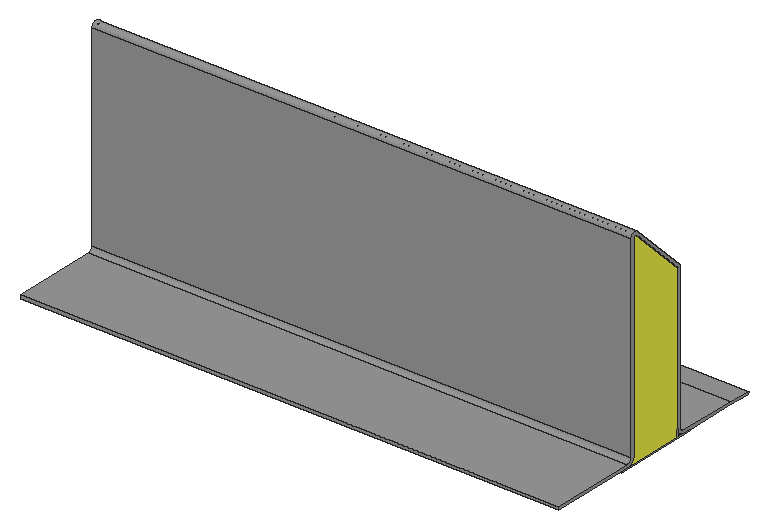
Revit family "sk 70", category Generic Models, Revit 2014
Parameters (values of type "Max lintel length 4800mm")
  URL = "http://www.keystonelintels.co.uk"
  Structural Opening [instance] = 300 mm
  Structural Performance = "The Keystone lintel range has safe working loads as detailed in each applicable loading table in the Keystone Lintel Guide brochure. The structural performance figures within each table have been ascertained by testing in accordance with the requirements of standards BS EN 5977-2: 1983 and BS EN 845-2: 2003."
  RIBA Productor Selector = "available for Keystone Lintels Ltd from Keystone Lintels Ltd from ribaproductselector.com"
  Model = "SK/70"
  Min Length = 600 mm
  Min Clear Span = 300 mm
  Max Length = 4800 mm
  Max Clear Span = 4800 mm
  Material - Stainless Steel = "Grade 304 2b 1.4307 to BS EN 10088-2. Other grades available on request: contact manufacturer."
  Material - Galvanised Steel = "To BS EN 10346: 2009. DX51D plus Z600 or grade Z275 to BS 5977-2: 1983 (BS EN 845-2: 2003)."
  Manufacturer = "Keystone"
  Manufactured Length [instance] = (roundup(Effective Length / 150 mm) * 150 mm)  # 600 mm
  Lintel height [instance] = 2100 mm
  Keynote = "F30/755"
  Fire Performance = "Keystone lintels have been subjected to a fire test (WARRES No. 101263) in accordance with BS 476-20: 1987, at Exova Warrington Fire and achieved a one hour fire performance."
  End Bearing = 150 mm
  Effective Length [instance] = Clear Opening with MIN MAX set + End Bearing * 2  # 600 mm
  Corrosion = "Keystone’s standard range of lintels are manufactured from high quality grade pre-galvanized carbon steel with a zinc coating of 600"
  Contact Tel = "+44 (0)28 8676 2184"
  Contact Email = "info@keystonelintels.co.uk"
  Clear Opening with MIN MAX set [instance] = if(Structural Opening < Min Clear Span, Min Clear Span, (if(Structural Opening > Max Clear Span, Max Clear Span, Structural Opening)))  # 300 mm
  CPD Information = "Available for Keystone Lintels Ltd from ribacpd.com"
Reference planes
  plane 1 "Center (Front/Back)": y = 0
  plane 2: z = 0
  plane 3 "Center (Left/Right)": x = 0
  plane 4: x = -300
  plane 5: x = 300
  plane 6: z = 2100
  plane 7: x = -150
  plane 8: x = 150
Forms (mm)
  Extrusion 1, solid, not visible
    sketch origin (0, 476.5, 764.25) x (0, 1, 0) y (0, 0, 1)
      loop
        line (-600.486, 1001.428) -> (-665.486, 1001.428)
        arc (-665.486, 1001.428) -> (-669.022, 1002.892) -> (-670.486, 1006.428) r 5
        line (-670.486, 1006.428) -> (-670.486, 1163.725)
        arc (-670.486, 1163.725) -> (-671.074, 1166.127) -> (-672.704, 1167.985) r 5.2
        line (-672.704, 1167.985) -> (-750.304, 1222.314)
        arc (-750.304, 1222.314) -> (-755.687, 1222.667) -> (-758.486, 1218.054) r 5.2
        line (-758.486, 1218.054) -> (-758.486, 1006.428)
        arc (-758.486, 1006.428) -> (-759.951, 1002.892) -> (-763.486, 1001.428) r 5
        line (-763.486, 1001.428) -> (-858.486, 1001.428) -> (-858.486, 998.228) -> (-763.486, 998.228)
        arc (-763.486, 998.228) -> (-757.688, 1000.63) -> (-755.286, 1006.428) r 8.2
        line (-755.286, 1006.428) -> (-755.286, 1218.054)
        arc (-755.286, 1218.054) -> (-754.21, 1219.828) -> (-752.139, 1219.693) r 2
        line (-752.139, 1219.693) -> (-674.539, 1165.364)
        arc (-674.539, 1165.364) -> (-673.912, 1164.649) -> (-673.686, 1163.725) r 2
        line (-673.686, 1163.725) -> (-673.686, 1006.428)
        arc (-673.686, 1006.428) -> (-671.284, 1000.63) -> (-665.486, 998.228) r 8.2
        line (-665.486, 998.228) -> (-600.542, 998.228) -> (-575.599, 997.36) -> (-575.486, 1000.558) -> (-600.486, 1001.428)
    from 0 to 250
  Extrusion 2, solid, not visible
    sketch origin (0, 214.797, 53.538) x (0, 1, 0) y (0, 0, 1)
      loop
        arc (-665.486, 998.228) -> (-671.284, 1000.63) -> (-673.686, 1006.428) r 8.2
        line (-673.686, 1006.428) -> (-673.686, 1163.725)
        arc (-673.686, 1163.725) -> (-673.912, 1164.649) -> (-674.539, 1165.364) r 2
        line (-674.539, 1165.364) -> (-752.139, 1219.693)
        arc (-752.139, 1219.693) -> (-754.21, 1219.828) -> (-755.286, 1218.054) r 2
        line (-755.286, 1218.054) -> (-755.286, 1006.428)
        arc (-755.286, 1006.428) -> (-757.688, 1000.63) -> (-763.486, 998.228) r 8.2
        line (-763.486, 998.228) -> (-674.986, 998.228) -> (-674.986, 1006.228) -> (-673.986, 1006.228) -> (-673.986, 998.228) -> (-665.486, 998.228)
    from 0 to 250
  Extrusion 3, solid, not visible
    sketch origin (0, 908.275, 896.271) x (0, 1, 0) y (0, 0, 1)
      loop
        line (-673.986, 998.228) -> (-673.986, 1006.228) -> (-674.986, 1006.228) -> (-674.986, 998.228) -> (-771.986, 998.228) -> (-771.986, 997.228) -> (-656.986, 997.228) -> (-656.986, 998.228) -> (-673.986, 998.228)
    from 0 to 250
  Extrusion 4, solid, material "Steel"
    sketch origin (0, 713.075, 1104.702) x (0, 1, 0) y (0, 0, 1)
      loop
        line (-610.491, 998.498) -> (-675.491, 998.498)
        arc (-675.491, 998.498) -> (-679.026, 999.962) -> (-680.491, 1003.498) r 5
        line (-680.491, 1003.498) -> (-680.491, 1163.294)
        arc (-680.491, 1163.294) -> (-680.886, 1165.282) -> (-682.011, 1166.968) r 5.2
        line (-682.011, 1166.968) -> (-739.611, 1224.659)
        arc (-739.611, 1224.659) -> (-745.279, 1225.79) -> (-748.491, 1220.985) r 5.2
        line (-748.491, 1220.985) -> (-748.491, 1003.498)
        arc (-748.491, 1003.498) -> (-749.955, 999.962) -> (-753.491, 998.498) r 5
        line (-753.491, 998.498) -> (-848.491, 998.498) -> (-848.491, 995.298) -> (-753.491, 995.298)
        arc (-753.491, 995.298) -> (-747.693, 997.699) -> (-745.291, 1003.498) r 8.2
        line (-745.291, 1003.498) -> (-745.291, 1220.985)
        arc (-745.291, 1220.985) -> (-744.055, 1222.833) -> (-741.875, 1222.398) r 2
        line (-741.875, 1222.398) -> (-684.275, 1164.707)
        arc (-684.275, 1164.707) -> (-683.843, 1164.058) -> (-683.691, 1163.294) r 2
        line (-683.691, 1163.294) -> (-683.691, 1003.498)
        arc (-683.691, 1003.498) -> (-681.289, 997.699) -> (-675.491, 995.298) r 8.2
        line (-675.491, 995.298) -> (-610.546, 995.298) -> (-585.591, 994.444) -> (-585.482, 997.643) -> (-610.491, 998.498)
    from -300 to 300
  Extrusion 5, solid, material "Insulation"
    sketch origin (0, 713.075, 1104.702) x (0, 1, 0) y (0, 0, 1)
      loop
        arc (-675.491, 995.298) -> (-681.289, 997.699) -> (-683.691, 1003.498) r 8.2
        line (-683.691, 1003.498) -> (-683.691, 1163.294)
        arc (-683.691, 1163.294) -> (-683.843, 1164.058) -> (-684.275, 1164.707) r 2
        line (-684.275, 1164.707) -> (-741.875, 1222.398)
        arc (-741.875, 1222.398) -> (-744.055, 1222.833) -> (-745.291, 1220.985) r 2
        line (-745.291, 1220.985) -> (-745.291, 1003.498)
        arc (-745.291, 1003.498) -> (-747.693, 997.699) -> (-753.491, 995.298) r 8.2
        line (-753.491, 995.298) -> (-684.991, 995.298) -> (-684.991, 1003.298) -> (-683.991, 1003.298) -> (-683.991, 995.298) -> (-675.491, 995.298)
    from -300 to 300
  Extrusion 6, solid, material "Steel"
    sketch origin (0, 713.075, 1104.702) x (0, 1, 0) y (0, 0, 1)
      loop
        line (-683.991, 995.298) -> (-683.991, 1003.298) -> (-684.991, 1003.298) -> (-684.991, 995.298) -> (-761.991, 995.298) -> (-761.991, 994.298) -> (-666.991, 994.298) -> (-666.991, 995.298) -> (-683.991, 995.298)
    from -300 to 300
  Extrusion 7, solid, not visible
    sketch origin (0, 949.95, 654.162) x (0, 1, 0) y (0, 0, 1)
      loop
        line (-610.491, 998.498) -> (-675.491, 998.498)
        arc (-675.491, 998.498) -> (-679.026, 999.962) -> (-680.491, 1003.498) r 5
        line (-680.491, 1003.498) -> (-680.491, 1163.294)
        arc (-680.491, 1163.294) -> (-680.886, 1165.282) -> (-682.011, 1166.968) r 5.2
        line (-682.011, 1166.968) -> (-739.611, 1224.659)
        arc (-739.611, 1224.659) -> (-745.279, 1225.79) -> (-748.491, 1220.985) r 5.2
        line (-748.491, 1220.985) -> (-748.491, 1003.498)
        arc (-748.491, 1003.498) -> (-749.955, 999.962) -> (-753.491, 998.498) r 5
        line (-753.491, 998.498) -> (-848.491, 998.498) -> (-848.491, 995.298) -> (-753.491, 995.298)
        arc (-753.491, 995.298) -> (-747.693, 997.699) -> (-745.291, 1003.498) r 8.2
        line (-745.291, 1003.498) -> (-745.291, 1220.985)
        arc (-745.291, 1220.985) -> (-744.055, 1222.833) -> (-741.875, 1222.398) r 2
        line (-741.875, 1222.398) -> (-684.275, 1164.707)
        arc (-684.275, 1164.707) -> (-683.843, 1164.058) -> (-683.691, 1163.294) r 2
        line (-683.691, 1163.294) -> (-683.691, 1003.498)
        arc (-683.691, 1003.498) -> (-681.289, 997.699) -> (-675.491, 995.298) r 8.2
        line (-675.491, 995.298) -> (-610.546, 995.298) -> (-585.591, 994.444) -> (-585.482, 997.643) -> (-610.491, 998.498)
    from 0 to 250
  Extrusion 8, solid, not visible
    sketch origin (0, 600.021, 633.606) x (0, 1, 0) y (0, 0, 1)
      loop
        arc (-675.491, 995.298) -> (-681.289, 997.699) -> (-683.691, 1003.498) r 8.2
        line (-683.691, 1003.498) -> (-683.691, 1163.294)
        arc (-683.691, 1163.294) -> (-683.843, 1164.058) -> (-684.275, 1164.707) r 2
        line (-684.275, 1164.707) -> (-741.875, 1222.398)
        arc (-741.875, 1222.398) -> (-744.055, 1222.833) -> (-745.291, 1220.985) r 2
        line (-745.291, 1220.985) -> (-745.291, 1003.498)
        arc (-745.291, 1003.498) -> (-747.693, 997.699) -> (-753.491, 995.298) r 8.2
        line (-753.491, 995.298) -> (-684.991, 995.298) -> (-684.991, 1003.298) -> (-683.991, 1003.298) -> (-683.991, 995.298) -> (-675.491, 995.298)
    from 0 to 250
  Extrusion 9, solid, not visible
    sketch origin (0, 640.113, 580.357) x (0, 1, 0) y (0, 0, 1)
      loop
        line (-683.991, 995.298) -> (-683.991, 1003.298) -> (-684.991, 1003.298) -> (-684.991, 995.298) -> (-761.991, 995.298) -> (-761.991, 994.298) -> (-666.991, 994.298) -> (-666.991, 995.298) -> (-683.991, 995.298)
    from 0 to 250
Dimensions and locks
  equal spacing: plane 4, plane 3 "Center (Left/Right)", plane 5
  "Manufactured Length": plane 4 to plane 5
  "Lintel height": plane 6 to level
  "Structural Opening": plane 7 to plane 8
  equal spacing: plane 7, plane 3 "Center (Left/Right)", plane 8
  aligned and locked: level to plane 2
  aligned and locked: Extrusion 4 to plane 6
  aligned and locked: Extrusion 5 to plane 6
  aligned and locked: plane 6 to Extrusion 6
  aligned and locked: Extrusion 4 to plane 4
  aligned and locked: plane 5 to Extrusion 4
  aligned and locked: plane 5 to Extrusion 5
  aligned and locked: Extrusion 5 to plane 4
  aligned and locked: Extrusion 6 to plane 4
  aligned and locked: plane 5 to Extrusion 6
Automatic sketch dimensions
  Extrusion 1 sketch curve to Extrusion 1 sketch curve = 65 mm
  Extrusion 1 sketch curve to Extrusion 1 sketch curve = 25 mm
  Extrusion 1 sketch curve to Extrusion 1 sketch curve = 0.87 mm
  Extrusion 1 sketch curve to Extrusion 1 sketch curve = 5 mm  (x2)
  Extrusion 1 sketch curve to Extrusion 1 sketch curve = 157.297 mm
  Extrusion 1 sketch curve to Extrusion 1 sketch curve = 5.2 mm
  Extrusion 1 sketch curve to Extrusion 1 sketch curve = 2.218 mm
  Extrusion 1 sketch curve to Extrusion 1 sketch curve = 77.6 mm
  Extrusion 1 sketch curve to Extrusion 1 sketch curve = 54.329 mm
  Extrusion 1 sketch curve to Extrusion 1 sketch curve = 2.982 mm
  Extrusion 1 sketch curve to Extrusion 1 sketch curve = 4.26 mm
  Extrusion 1 sketch curve to Extrusion 1 sketch curve = 0 mm  (x17)
  Extrusion 1 sketch curve to Extrusion 1 sketch curve = 95 mm
  Extrusion 1 sketch curve to Extrusion 1 sketch curve = 3.2 mm
  Extrusion 1 sketch curve to Extrusion 1 sketch curve = 1.147 mm  (x2)
  Extrusion 1 sketch curve to Extrusion 1 sketch curve = 1.638 mm
  Extrusion 1 sketch curve to Extrusion 1 sketch curve = 0.056 mm
  Extrusion 1 sketch curve to Extrusion 1 sketch curve = 0.112 mm
  Extrusion 1 sketch curve to Extrusion 1 sketch curve = 3.198 mm
  Extrusion 2 sketch curve to Extrusion 2 sketch curve = 2 mm
  Extrusion 2 sketch curve to Extrusion 2 sketch curve = 1.147 mm  (x2)
  Extrusion 2 sketch curve to Extrusion 2 sketch curve = 77.6 mm
  Extrusion 2 sketch curve to Extrusion 2 sketch curve = 80.3 mm
  Extrusion 2 sketch curve to Extrusion 2 sketch curve = 1 mm
  Extrusion 2 sketch curve to Extrusion 2 sketch curve = 0.3 mm
  Extrusion 2 sketch curve to Extrusion 2 sketch curve = 8.2 mm  (x2)
  Extrusion 2 sketch curve to Extrusion 2 sketch curve = 0 mm
  Extrusion 2 sketch curve to Extrusion 2 sketch curve = 0.2 mm
  Extrusion 2 sketch curve to Extrusion 2 sketch curve = 157.297 mm
  Extrusion 2 sketch curve to Extrusion 2 sketch curve = 54.329 mm
  Extrusion 3 sketch curve to Extrusion 3 sketch curve = 17 mm
  Extrusion 3 sketch curve to Extrusion 3 sketch curve = 8 mm
  Extrusion 3 sketch curve to Extrusion 3 sketch curve = 1 mm  (x2)
  Extrusion 3 sketch curve to Extrusion 3 sketch curve = 0 mm
  Extrusion 3 sketch curve to Extrusion 3 sketch curve = 97 mm
  Extrusion 4 sketch curve to Extrusion 4 sketch curve = 65 mm
  Extrusion 4 sketch curve to Extrusion 4 sketch curve = 25.009 mm
  Extrusion 4 sketch curve to Extrusion 4 sketch curve = 0.855 mm
  Extrusion 4 sketch curve to Extrusion 4 sketch curve = 0.109 mm
  Extrusion 4 sketch curve to Extrusion 4 sketch curve = 0.055 mm
  Extrusion 4 sketch curve to Extrusion 4 sketch curve = 0 mm  (x17)
  Extrusion 4 sketch curve to Extrusion 4 sketch curve = 5 mm  (x2)
  Extrusion 4 sketch curve to Extrusion 4 sketch curve = 159.796 mm
  Extrusion 4 sketch curve to Extrusion 4 sketch curve = 2 mm
  Extrusion 4 sketch curve to Extrusion 4 sketch curve = 0.585 mm
  Extrusion 4 sketch curve to Extrusion 4 sketch curve = 2.265 mm  (x2)
  Extrusion 4 sketch curve to Extrusion 4 sketch curve = 57.6 mm
  Extrusion 4 sketch curve to Extrusion 4 sketch curve = 57.691 mm
  Extrusion 4 sketch curve to Extrusion 4 sketch curve = 2.261 mm
  Extrusion 4 sketch curve to Extrusion 4 sketch curve = 1.415 mm
  Extrusion 4 sketch curve to Extrusion 4 sketch curve = 1.413 mm
  Extrusion 4 sketch curve to Extrusion 4 sketch curve = 95 mm
  Extrusion 5 sketch curve to Extrusion 5 sketch curve = 2 mm
  Extrusion 5 sketch curve to Extrusion 5 sketch curve = 1.415 mm  (x2)
  Extrusion 5 sketch curve to Extrusion 5 sketch curve = 57.6 mm
  Extrusion 5 sketch curve to Extrusion 5 sketch curve = 60.3 mm
  Extrusion 5 sketch curve to Extrusion 5 sketch curve = 1 mm
  Extrusion 5 sketch curve to Extrusion 5 sketch curve = 0.3 mm
  Extrusion 5 sketch curve to Extrusion 5 sketch curve = 8.2 mm  (x2)
  Extrusion 5 sketch curve to Extrusion 5 sketch curve = 0 mm  (x2)
  Extrusion 5 sketch curve to Extrusion 5 sketch curve = 0.2 mm
  Extrusion 5 sketch curve to Extrusion 5 sketch curve = 159.796 mm
  Extrusion 5 sketch curve to Extrusion 5 sketch curve = 57.691 mm
  Extrusion 6 sketch curve to Extrusion 6 sketch curve = 17 mm
  Extrusion 6 sketch curve to Extrusion 6 sketch curve = 8 mm
  Extrusion 6 sketch curve to Extrusion 6 sketch curve = 1 mm  (x2)
  Extrusion 6 sketch curve to Extrusion 6 sketch curve = 0 mm
  Extrusion 6 sketch curve to Extrusion 6 sketch curve = 77 mm
  Extrusion 7 sketch curve to Extrusion 7 sketch curve = 65 mm
  Extrusion 7 sketch curve to Extrusion 7 sketch curve = 25.009 mm
  Extrusion 7 sketch curve to Extrusion 7 sketch curve = 0.855 mm
  Extrusion 7 sketch curve to Extrusion 7 sketch curve = 0.109 mm
  Extrusion 7 sketch curve to Extrusion 7 sketch curve = 0.055 mm
  Extrusion 7 sketch curve to Extrusion 7 sketch curve = 0 mm  (x17)
  Extrusion 7 sketch curve to Extrusion 7 sketch curve = 5 mm  (x2)
  Extrusion 7 sketch curve to Extrusion 7 sketch curve = 159.796 mm
  Extrusion 7 sketch curve to Extrusion 7 sketch curve = 2 mm
  Extrusion 7 sketch curve to Extrusion 7 sketch curve = 0.585 mm
  Extrusion 7 sketch curve to Extrusion 7 sketch curve = 2.265 mm  (x2)
  Extrusion 7 sketch curve to Extrusion 7 sketch curve = 57.6 mm
  Extrusion 7 sketch curve to Extrusion 7 sketch curve = 57.691 mm
  Extrusion 7 sketch curve to Extrusion 7 sketch curve = 2.261 mm
  Extrusion 7 sketch curve to Extrusion 7 sketch curve = 1.415 mm
  Extrusion 7 sketch curve to Extrusion 7 sketch curve = 1.413 mm
  Extrusion 7 sketch curve to Extrusion 7 sketch curve = 95 mm
  Extrusion 8 sketch curve to Extrusion 8 sketch curve = 2 mm
  Extrusion 8 sketch curve to Extrusion 8 sketch curve = 1.415 mm  (x2)
  Extrusion 8 sketch curve to Extrusion 8 sketch curve = 57.6 mm
  Extrusion 8 sketch curve to Extrusion 8 sketch curve = 60.3 mm
  Extrusion 8 sketch curve to Extrusion 8 sketch curve = 1 mm
  Extrusion 8 sketch curve to Extrusion 8 sketch curve = 0.3 mm
  Extrusion 8 sketch curve to Extrusion 8 sketch curve = 8.2 mm  (x2)
  Extrusion 8 sketch curve to Extrusion 8 sketch curve = 0 mm  (x2)
  Extrusion 8 sketch curve to Extrusion 8 sketch curve = 0.2 mm
  Extrusion 8 sketch curve to Extrusion 8 sketch curve = 159.796 mm
  Extrusion 8 sketch curve to Extrusion 8 sketch curve = 57.691 mm
  Extrusion 9 sketch curve to Extrusion 9 sketch curve = 17 mm
  Extrusion 9 sketch curve to Extrusion 9 sketch curve = 8 mm
  Extrusion 9 sketch curve to Extrusion 9 sketch curve = 1 mm  (x2)
  Extrusion 9 sketch curve to Extrusion 9 sketch curve = 0 mm
  Extrusion 9 sketch curve to Extrusion 9 sketch curve = 77 mm
  Extrusion 4 sketch curve to plane 6 = 0 mm
  plane 1 "Center (Front/Back)" to Extrusion 4 sketch curve = 135.415 mm
  Extrusion 5 sketch curve to plane 6 = 0 mm
  plane 1 "Center (Front/Back)" to Extrusion 5 sketch curve = 40.415 mm
  Extrusion 6 sketch curve to plane 6 = 0 mm
  plane 1 "Center (Front/Back)" to Extrusion 6 sketch curve = 48.915 mm
